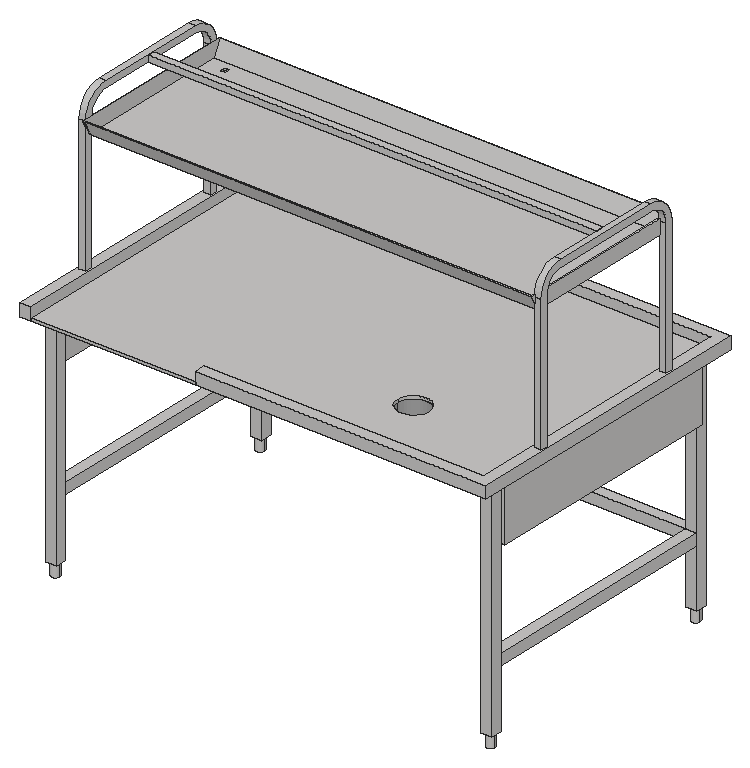
Revit family "QF_ELECTROLUXPROFESSIONAL_865342_BHST1711R", category Attrezzature speciali, Revit 2020
Family settings
  Quota connettore circolare = Usa diametro
  Tipo di parte = Normale
  Basato su piano di lavoro = No
  Sempre verticale = Sì
  Taglio con vuoti quando caricato = No
  Condiviso = No
  Punto di calcolo locali = No
Parameters (values of type "Standard")
  Weight = 15.00 kg
  Watts = 0 W
  Volts = 0 V
  URL Manufacturer = "https://www.electroluxprofessional.com/"
  URL = "https://www.electroluxprofessional.com/"
  Steam Supply Size = 0 mm
  Steam Supply Minimum Pressure = 0.0 Pa
  Steam Supply Maximum Pressure = 0.0 Pa
  Steam Consumption per Hour = 0
  Refrigeration Suction Line Size = 0 mm
  Refrigeration Liquid Line Size = 0 mm
  Refrigerant Compressor Remote = yes
  Prospetto di default = 0 mm
  Produttore = "Electrolux Professional"
  Phase = 0
  Modello = "BHST1711R"
  Length Actual = 1700 mm  # constant formula
  Item Number = "865342"
  Hot Water Size = 0 mm
  Height Actual = 1551 mm  # constant formula
  HP = "0 HP"
  Gas Size = 0 mm
  Gas KW = 0
  Gas Input Pressure = 0 W
  Direct Waste Size = 0 mm
  Description = "SORTING TABLE, RIGHT>LEFT, 1700X1100 MM "
  Depth Actual = 1100 mm  # constant formula
  Cycle = 0 Hz
  Condensate Return Size = 0 mm
  Compressed Air Volume = 0.0 L/s
  Compressed Air Size = 0 mm
  Compressed Air Pressure = 0.0 Pa
  Cold Water Size = 0 mm
  Accessory = yes
Reference planes
  plane 1 "Centro (Fronte/Retro)": y = 0
  plane 2: z = 0
  plane 3 "Centro (Sinistra/Destra)": x = 0
  plane 4: x = 850
  plane 5: z = 1492
  plane 6: x = 20
  plane 7: y = -557.5
  plane 8: x = 56
  plane 9: x = 944
  plane 10: x = 1700
  plane 11: x = 1644
  plane 12: y = -1115
  plane 13: y = -88
  plane 14: y = -1023
Forms (mm)
  Extrusion 1, solid, material "QF_Finishes_Stainless Steel"
    sketch origin (0, 0, 865) x (1, 0, 0) y (0, 1, 0)
      loop
        line (40, -1115) -> (640, -1115) -> (640, -1075) -> (1660, -1075) -> (1660, -40) -> (40, -40) -> (40, -1115)
    from 0 to 10
  Extrusion 2, solid, material "QF_Finishes_Stainless Steel"
    sketch origin (0, 0, 865) x (1, 0, 0) y (0, 1, 0)
      loop
        line (0, 0) -> (0, -1115) -> (40, -1115) -> (40, -40) -> (1660, -40) -> (1660, -1075) -> (640, -1075) -> (640, -1115) -> (1700, -1115) -> (1700, 0) -> (0, 0)
    from 0 to 45
  Extrusion 3, solid, material "QF_Finishes_Stainless Steel"
    sketch origin (36, -178, 0) x (0, 1, 0) y (0, 0, 1)
      loop
        line (70, 299.579) -> (-825, 299.579) -> (-825, 259.579) -> (70, 259.579) -> (70, 299.579)
    from 0 to 40
  Extrusion 4, solid, material "QF_Finishes_Stainless Steel"
    sketch origin (0, -178, -12) x (0, 1, 0) y (0, 0, 1)
      loop
        line (-367.5, 1504) -> (-391.5, 1504) -> (-391.5, 1480) -> (-367.5, 1480) -> (-367.5, 1504)
    from 32 to 1668
  Extrusion 5, void
    sketch origin (32, -178, -6.687) x (0, 1, 0) y (0, 0, 1)
      loop
        line (-56.629, 1444.891) -> (-702.371, 1444.891) -> (-663.034, 1360.532) -> (-95.966, 1360.532) -> (-56.629, 1444.891)
    from 3.287 to 1634
  Extrusion 6, solid, material "QF_Finishes_Stainless Steel"
    sketch origin (32, -178, -12) x (0, 1, 0) y (0, 0, 1)
      loop
        line (-70.92, 1418.976) -> (-688.08, 1418.976) -> (-661.76, 1362.532) -> (-97.24, 1362.532) -> (-70.92, 1418.976)
    from 0 to 1636
  Extrusion 7, void
    sketch origin (0, -178, -12) x (1, 0, 0) y (0, 1, 0)
      loop
        circle (108.268, -136.161) r 12
    from 1301.755 to 1377.519
  Extrusion 8, solid, material "QF_Finishes_Stainless Steel"
    sketch origin (0, -178, -12) x (1, 0, 0) y (0, 1, 0)
      loop
        circle (108.21, -136.146) r 13
    from 1316.037 to 1362.532
  Extrusion 9, void
    sketch origin (0, -178, -12) x (1, 0, 0) y (0, 1, 0)
      loop
        circle (108.268, -136.161) r 10
    from 1301.755 to 1377.519
  Extrusion 10, solid, material "QF_Finishes_Stainless Steel"
    sketch origin (1664, -178, 0) x (0, 1, 0) y (0, 0, -1)
      loop
        line (70, -299.579) -> (70, -259.579) -> (-825, -259.579) -> (-825, -299.579) -> (70, -299.579)
    from 0 to 40
  Extrusion 11, void
    sketch origin (600, -343.125, 0) x (1, 0, 0) y (0, 1, 0)
      loop
        circle (610, -490) r 58
    from 674.596 to 947.421
  Sweep 12, solid, material "QF_Finishes_Stainless Steel"
    path origin (1700, -178, -12) x (0, 1, 0) y (0, 0, -1)
      loop
        line (-95, -922) -> (-95, -1412)
        arc (-95, -1412) -> (-118.431, -1468.569) -> (-175, -1492) r 80
        line (-175, -1492) -> (-584, -1492)
        arc (-584, -1492) -> (-640.569, -1468.569) -> (-664, -1412) r 80
        line (-664, -1412) -> (-664, -922)
    profile origin (1700, -273, 1155) x (0, 1, 0) y (-1, 0, 0)
      loop
        line (12, 8) -> (12, 32) -> (-12, 32) -> (-12, 8) -> (12, 8)
  Extrusion 13, solid, material "QF_Finishes_Stainless Steel"
    sketch origin (1700, -178, 0) x (0, 1, 0) y (0, 0, -1)
      loop
        line (70, -865) -> (70, -660) -> (-825, -660) -> (-825, -865) -> (70, -865)
    from 20 to 36
  Sweep 14, solid, material "QF_Finishes_Stainless Steel"
    path origin (0, -178, -12) x (0, 1, 0) y (0, 0, 1)
      loop
        line (-95, 922) -> (-95, 1412)
        arc (-95, 1412) -> (-118.431, 1468.569) -> (-175, 1492) r 80
        line (-175, 1492) -> (-584, 1492)
        arc (-584, 1492) -> (-640.569, 1468.569) -> (-664, 1412) r 80
        line (-664, 1412) -> (-664, 922)
    profile origin (0, -273, 1155) x (0, -1, 0) y (1, 0, 0)
      loop
        line (-12, 8) -> (12, 8) -> (12, 32) -> (-12, 32) -> (-12, 8)
  Extrusion 15, solid, material "QF_Finishes_Stainless Steel"
    sketch origin (0, -178, 0) x (0, 1, 0) y (0, 0, 1)
      loop
        line (70, 865) -> (-825, 865) -> (-825, 660) -> (70, 660) -> (70, 865)
    from 20 to 36
  Extrusion 16, solid, material "QF_Finishes_Stainless Steel"
    sketch origin (-964, -68, 0) x (1, 0, 0) y (0, 1, 0)
      loop
        line (1000, 0) -> (1000, -40) -> (1040, -40) -> (1040, 0) -> (1000, 0)
    from 45 to 865
  Extrusion 17, solid, material "QF_Finishes_Stainless Steel"
    sketch origin (-964, -68, 0) x (1, 0, 0) y (0, 1, 0)
      loop
        circle (1020, -20) r 15
    from 0 to 45
  Extrusion 18, solid, material "QF_Finishes_Stainless Steel"
    sketch origin (2664, -68, 0) x (-1, 0, 0) y (0, -1, 0)
      loop
        line (1000, 0) -> (1040, 0) -> (1040, 40) -> (1000, 40) -> (1000, 0)
    from 45 to 865
  Extrusion 19, solid, material "QF_Finishes_Stainless Steel"
    sketch origin (2664, -68, 0) x (-1, 0, 0) y (0, -1, 0)
      loop
        circle (1020, 20) r 15
    from 0 to 45
  Extrusion 20, solid, material "QF_Finishes_Stainless Steel"
    sketch origin (-964, -1003, 0) x (1, 0, 0) y (0, 1, 0)
      loop
        line (1000, 0) -> (1000, -40) -> (1040, -40) -> (1040, 0) -> (1000, 0)
    from 45 to 865
  Extrusion 21, solid, material "QF_Finishes_Stainless Steel"
    sketch origin (-964, -1003, 0) x (1, 0, 0) y (0, 1, 0)
      loop
        circle (1020, -20) r 15
    from 0 to 45
  Extrusion 22, solid, material "QF_Finishes_Stainless Steel"
    sketch origin (2664, -1003, 0) x (-1, 0, 0) y (0, -1, 0)
      loop
        line (1000, 0) -> (1040, 0) -> (1040, 40) -> (1000, 40) -> (1000, 0)
    from 45 to 865
  Extrusion 23, solid, material "QF_Finishes_Stainless Steel"
    sketch origin (2664, -1003, 0) x (-1, 0, 0) y (0, -1, 0)
      loop
        circle (1020, 20) r 15
    from 0 to 45
  Extrusion 24, solid, material "QF_Finishes_Stainless Steel"
    sketch origin (0, -28, 0) x (1, 0, 0) y (0, 0, 1)
      loop
        line (76, 259.624) -> (1624, 259.624) -> (1624, 299.579) -> (76, 299.579) -> (76, 259.624)
    from 40 to 80
Cuts and joins
  Extrusion 5, Extrusion 9 cuts Extrusion 6
  Extrusion 7 cuts Extrusion 8
  Extrusion 11 cuts Extrusion 1
Dimensions and locks
  plane 5 to level = 1492 mm  (x2)
  Extrusion 2 to plane 10 = 1700 mm
  plane 10 to plane 3 "Centro (Sinistra/Destra)" = 1700 mm
  plane 11 to plane 8 = 1588 mm
  Extrusion 2 to Extrusion 2 = 1115 mm
  plane 1 "Centro (Fronte/Retro)" to plane 12 = 1115 mm
  Sweep 14 to Sweep 14 = 545 mm
  Extrusion 16 to Extrusion 20 = 895 mm
  plane 13 to plane 14 = 935 mm
  Extrusion 22 to Extrusion 20 = 1548 mm
  Extrusion 24 to Extrusion 24 = 39.955 mm
  aligned and locked: level to plane 2
  aligned and locked: Extrusion 17 to Extrusion 16
  aligned and locked: Extrusion 18 to Extrusion 19
  aligned and locked: Extrusion 21 to Extrusion 20
  aligned and locked: Extrusion 22 to Extrusion 23
Nested families
  nested 1: "FORO_IMMONDIZIE - 200" at (1210, -833, 863.471), type "FORO_IMMONDIZIE - 200"
Definition of nested family "FORO_IMMONDIZIE - 200"
  Parameters (values of type "FORO_IMMONDIZIE - 200")
    Default Elevation = 1219.2 mm
  Reference planes
    plane 1 "Centro (Fronte/Retro)": y = 0
    plane 2: z = 0
    plane 3 "Centro (Sinistra/Destra)": x = 0
    plane 4: z = -110
  Forms (mm)
    Extrusion 1, solid, not visible
      sketch origin (0, 0, 0) x (1, 0, 0) y (0, 1, 0)
        loop
          line (-1219.2, 1219.2) -> (-1219.2, -1219.2) -> (1219.2, -1219.2) -> (1219.2, 1219.2) -> (-1219.2, 1219.2)
      from 0 to -304.8
    Extrusion 2, solid
      sketch origin (0, 0, 0) x (1, 0, 0) y (0, 1, 0)
        loop
          circle (0, 0) r 60
        loop
          circle (0, 0) r 90
      from -110 to 1.529
  Dimensions and locks
    aligned and locked: plane 2 to Extrusion 1
    aligned and locked: level to Extrusion 1
